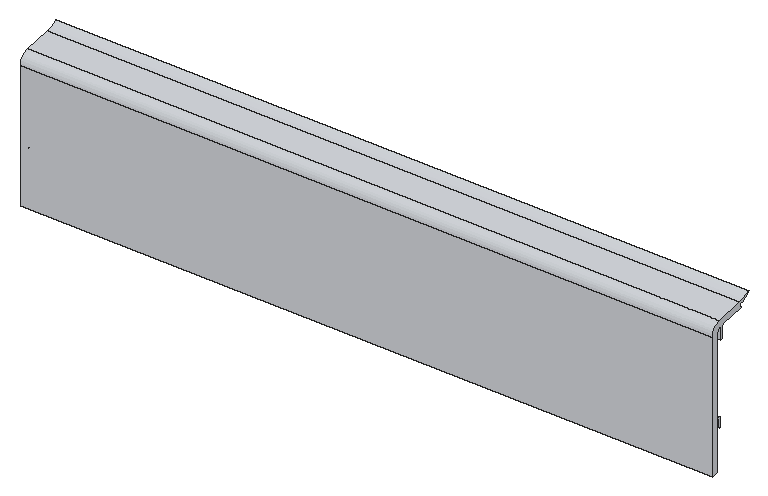
Revit family "HansWeitzel_52360", category Allgemeines Modell, Revit 2017
Family settings
  Kann Basisbauteil für Bewehrung sein = Nein
  Bemaßung runder Anschluss = Durchmesser verwenden
  Teiletyp = Normal
  Arbeitsebenenbasiert = Nein
  Immer vertikal = Ja
  Beim Laden mit Abzugskörper schneiden = Nein
  Gemeinsam genutzt = Nein
  Raumberechnungspunkt = Nein
Parameters
  max. Betriebstemperatur (°C) = 90
  Werkstoff = "PVC"
  Wandmontage möglich = yes
  Typname = "HZ-Sockelleiste lang SLL Eiche hell, 2m"
  Tiefe (mm) = 39
  Selbstverlöschend = yes
  Profilart = "Sockelprofil"
  Menge pro Verpackungseinheit = 10
  Length1 = 600 mm
  Ist Zubehör = no
  Ist System = no
  Höhe [mm] = 127
  Hersteller = "Hans Weitzel GmbH & Co. KG"
  HeinzeBIM = "https://www.heinze.de/bim/hz-sockelleiste-lang-sll-eiche-hell-2m/74d91703adff8d85f069e2e835a90b568e387078"
  HAN = "52360"
  Gewicht unverpackt (netto) [kg] = 1.01
  GTIN = "4022023112016"
  Farbton = "Holzart/Holzdekor"
  Dekor = "Eiche hell"
  Breite [mm] = 2000
  Brandklasse B2 = yes
  Beschreibung = "HZ-Sockelleiste lang SLL Eiche hell, 2m lang für Kabelkanal oder 3. Rohr"
  BIMSITE_PRODUCT_ID = "74d91703adff8d85f069e2e835a90b568e387078"
  BIM = "https://media.live.bim.site/t/eyJhbGciOiJIUzI1NiIsInR5cCI6IkpXVCJ9.eyJjdCI6MSwidGYiOiJwdWJsaWMvaGFucy13ZWl0emVsLWdtYmgtY28ta2cvMjI1MGEyZS9IWl9TTExfUHJvZmlsLnJmYSIsImNpZCI6ImZlZDk4ZTlhLTFiZDgtNGM2OC1hNzNiLTc0YTk0ZTMxNTgyMyIsInJpZCI6IjY3MDIxYTViOWE4NjUyMWU0NjA4Mjg5MWRiOGI0OWZkIiwicGlkIjoiNzRkOTE3MDNhZGZmOGQ4NWYwNjllMmU4MzVhOTBiNTY4ZTM4NzA3OCIsInNpZCI6IjYzNTU4IiwidXQiOjUsImxjIjoiZGUiLCJpYXQiOjE1ODAyMDg2NzEsImlzcyI6Imh0dHBzOi8vYXBpLmxpdmUuYmltLnNpdGUiLCJzdWIiOiJmNTg2YzRiNi1hNTA4LTQyN2EtOTgxOC0xMzE3OTY2NTc2YmMifQ.coFb9_M1SUfFfkxKsizuuKs45fQKZzkGyZe-Kme1zoo/HZ_SLL_Profil.rfa"
Reference planes
  plane 1 "Center (Front/Back)": y = 0
  plane 2: z = 0
  plane 3 "Center (Left/Right)": x = 0
Forms (mm)
  Extrusion 1, solid, detail levels fine
    sketch origin (0, 0, 0) x (0, 1, 0) y (0, 0, 1)
      loop
        line (-33, 1) -> (-33, 42) -> (-31.75, 42)
        arc (-31.75, 42) -> (-31.043, 41.707) -> (-30.75, 41) r 1
        line (-30.75, 41) -> (-30.75, 35.75) -> (-29.5, 34.5) -> (-29.5, 41.5)
        arc (-29.5, 41.5) -> (-29.939, 42.561) -> (-31, 43) r 1.5
        line (-31, 43) -> (-33, 43) -> (-33, 108.069)
        arc (-33, 108.069) -> (-32.084, 110.954) -> (-29.67, 112.782) r 5
        arc (-29.67, 112.782) -> (-29.015, 112.463) -> (-28.75, 111.785) r 1
        line (-28.75, 111.785) -> (-28.75, 102.5) -> (-27.25, 102.5) -> (-27.25, 112.534)
        arc (-27.25, 112.534) -> (-27.028, 113.163) -> (-26.459, 113.512) r 1
        line (-26.459, 113.512) -> (-7.083, 117.662) -> (-7.79, 120.96)
        arc (-7.79, 120.96) -> (-2.84, 123.172) -> (1, 127) r 14.996
        arc (1, 127) -> (-3.294, 124.22) -> (-8.13, 122.552) r 21.16
        line (-8.13, 122.552) -> (-30.094, 117.847)
        arc (-30.094, 117.847) -> (-35.776, 114.356) -> (-38, 108.069) r 10
        line (-38, 108.069) -> (-38, 0) -> (-33, 1)
    from -300 to 300
  Extrusion 2, solid, detail levels medium
    sketch origin (0, 0, 0) x (0, 1, 0) y (0, 0, 1)
      loop
        line (-38, 116.154) -> (-38, 0) -> (-33, 0) -> (-33, 42) -> (-30.75, 42) -> (-30.75, 35.75) -> (-29.5, 35.75) -> (-29.5, 43) -> (-33, 43) -> (-33, 112.111) -> (-28.75, 113.022) -> (-28.75, 102.5) -> (-27.25, 102.5) -> (-27.25, 113.343) -> (-7.083, 117.662) -> (1, 127)
        arc (1, 127) -> (-3.294, 124.22) -> (-8.13, 122.552) r 21.16
        line (-8.13, 122.552) -> (-38, 116.154)
    from -300 to 300
  Extrusion 3, solid, detail levels coarse
    sketch origin (0, 0, 0) x (0, 1, 0) y (0, 0, 1)
      loop
        line (1, 127) -> (-38, 127) -> (-38, 0) -> (1, 0) -> (1, 127)
    from -300 to 300
Dimensions and locks
  equal spacing: Extrusion 1, plane 3 "Center (Left/Right)", Extrusion 1
  "Length1": Extrusion 1 to Extrusion 1
  aligned and locked: level to plane 2
  aligned and locked: Extrusion 3 to Extrusion 1
  aligned and locked: Extrusion 3 to Extrusion 2
  aligned and locked: Extrusion 1 to Extrusion 3
  aligned and locked: Extrusion 2 to Extrusion 3
Automatic sketch dimensions
  Extrusion 3 sketch curve to level = 0 mm
  plane 1 "Center (Front/Back)" to Extrusion 3 sketch curve = 38 mm
  Extrusion 3 sketch curve to plane 1 "Center (Front/Back)" = 1 mm
  level to Extrusion 3 sketch curve = 127 mm
  Extrusion 1 sketch curve to Extrusion 1 sketch curve = 0 mm  (x3)
  plane 1 "Center (Front/Back)" to Extrusion 1 sketch curve = 7.083 mm
  Extrusion 1 sketch curve to Extrusion 1 sketch curve = 0.706 mm
  Extrusion 1 sketch curve to Extrusion 1 sketch curve = 1 mm  (x3)
  Extrusion 1 sketch curve to Extrusion 1 sketch curve = 0.75 mm  (x3)
  Extrusion 1 sketch curve to Extrusion 1 sketch curve = 1.5 mm
  plane 1 "Center (Front/Back)" to Extrusion 1 sketch curve = 29.5 mm
  Extrusion 1 sketch curve to Extrusion 1 sketch curve = 3.635 mm
  Extrusion 1 sketch curve to Extrusion 1 sketch curve = 1.25 mm  (x2)
  Extrusion 1 sketch curve to Extrusion 1 sketch curve = 0.25 mm
  Extrusion 1 sketch curve to Extrusion 1 sketch curve = 3.5 mm
  Extrusion 1 sketch curve to Extrusion 1 sketch curve = 5 mm
  level to Extrusion 1 sketch curve = 0 mm
  Extrusion 1 sketch curve to Extrusion 1 sketch curve = 33.5 mm
  Extrusion 1 sketch curve to Extrusion 1 sketch curve = 5.25 mm
  Extrusion 1 sketch curve to Extrusion 1 sketch curve = 0.5 mm
  Extrusion 1 sketch curve to Extrusion 1 sketch curve = 59.5 mm
  Extrusion 1 sketch curve to Extrusion 1 sketch curve = 5.569 mm
  Extrusion 1 sketch curve to Extrusion 1 sketch curve = 5.128 mm
  Extrusion 1 sketch curve to Extrusion 1 sketch curve = 0.209 mm
  Extrusion 1 sketch curve to Extrusion 1 sketch curve = 3.25 mm
  Extrusion 1 sketch curve to Extrusion 1 sketch curve = 3.211 mm
  Extrusion 1 sketch curve to Extrusion 1 sketch curve = 0.341 mm
  Extrusion 1 sketch curve to Extrusion 1 sketch curve = 1.592 mm
  plane 1 "Center (Front/Back)" to Extrusion 1 sketch curve = 12.562 mm
  Extrusion 1 sketch curve to Extrusion 1 sketch curve = 20.691 mm
  Extrusion 1 sketch curve to plane 1 "Center (Front/Back)" = 1 mm
  Extrusion 1 sketch curve to Extrusion 1 sketch curve = 1.23 mm
  Extrusion 2 sketch curve to level = 0 mm
  plane 1 "Center (Front/Back)" to Extrusion 2 sketch curve = 38 mm
  Extrusion 2 sketch curve to Extrusion 2 sketch curve = 5 mm  (x2)
  Extrusion 2 sketch curve to Extrusion 2 sketch curve = 2.25 mm
  Extrusion 2 sketch curve to Extrusion 2 sketch curve = 1.25 mm
  Extrusion 2 sketch curve to Extrusion 2 sketch curve = 4.25 mm
  Extrusion 2 sketch curve to Extrusion 2 sketch curve = 1.5 mm
  plane 1 "Center (Front/Back)" to Extrusion 2 sketch curve = 12.562 mm
  plane 1 "Center (Front/Back)" to Extrusion 2 sketch curve = 8.13 mm
  level to Extrusion 2 sketch curve = 35.75 mm
  Extrusion 2 sketch curve to Extrusion 2 sketch curve = 6.25 mm
  Extrusion 2 sketch curve to Extrusion 2 sketch curve = 1 mm
  Extrusion 2 sketch curve to Extrusion 2 sketch curve = 59.5 mm
  Extrusion 2 sketch curve to Extrusion 2 sketch curve = 9.611 mm
  Extrusion 2 sketch curve to Extrusion 2 sketch curve = 0.91 mm
  Extrusion 2 sketch curve to Extrusion 2 sketch curve = 0.321 mm
  Extrusion 2 sketch curve to Extrusion 2 sketch curve = 4.042 mm
  Extrusion 2 sketch curve to Extrusion 2 sketch curve = 9.209 mm
  Extrusion 2 sketch curve to Extrusion 2 sketch curve = 20.691 mm
  Extrusion 2 sketch curve to Extrusion 2 sketch curve = 1.047 mm
  Extrusion 2 sketch curve to plane 1 "Center (Front/Back)" = 1 mm
  Extrusion 2 sketch curve to Extrusion 2 sketch curve = 4.889 mm
